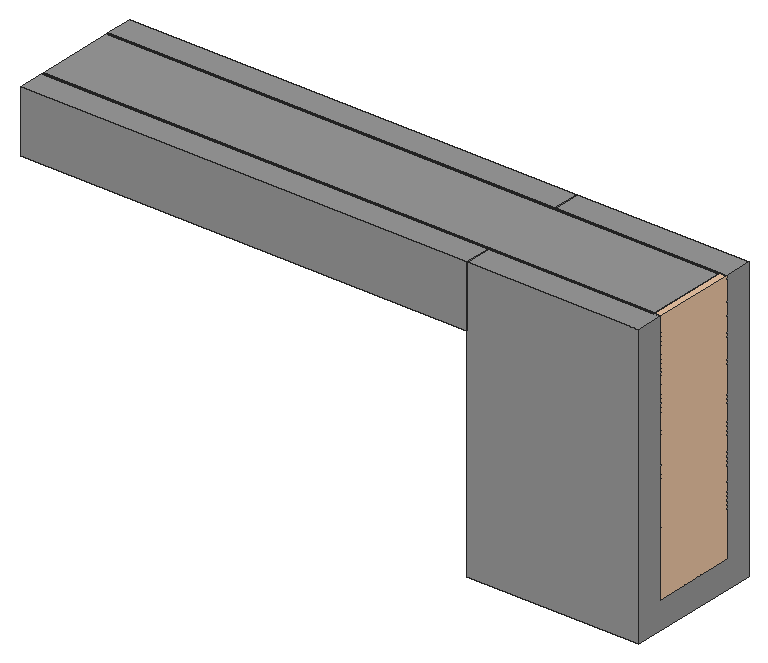
Revit family "FR_MEA MEADRAIN EN_ENS_basic", category Allgemeines Modell, Revit 2018
Family settings
  Kann Basisbauteil für Bewehrung sein = Nein
  Bemaßung runder Anschluss = Durchmesser verwenden
  Teiletyp = Normal
  OmniClass-Nummer = 23.70.50.00
  OmniClass-Titel = Liquid Waste Handling Services
  Beim Laden mit Abzugskörper schneiden = Ja
  Gemeinsam genutzt = Nein
  Raumberechnungspunkt = Nein
Parameters (values of type "MEADRAIN E - NW200 Plat")
  hilfsparameter = 0
  guid = "cf6c1bd8-9bf4-4563-8c57-07955e2378ac"  # constant formula
  Materiaux feuillure de caniveau [instance] = Feuillures du caniveau  # "Fonte"
  URL = "https://www.mea-group.com/de/water-management/"
  Typenkommentare = "Das System der Entwässerungsrinne MEADRAIN EN/ENS ist für höchste Belastungen ausgelegt. Mit den Gusszargen-L‐Profil der Rinnen-EN und den Gusszargen-Z‐Profil der Rinnen-ENS verbinden diese Hochleistungsrinnen MEADRAIN das geringe Gewicht des Polymerbetons mit einer verstärkten Bauweise, durch die sie Belastungen bis Klasse F 900 standhalten. Die Systeme MEADRAIN EN und ENS wurden entwickelt, um eine Entwässerungslösung für anspruchsvollste Anwendungsbereiche wie Flughäfen, Bahnhöfe, Frachtbereiche, Häfen und Industriegebäude bereitzustellen. Diese hochwertigen Rinnen bieten eine extrem lange Standzeit sowie eine hohe Beständigkeit gegenüber chemischen Substanzen, anfallendem Salz und Säuren."  # constant formula
  Type element de drainage = "Typ M"  # constant formula
  MEA- plaque frontale [instance] = if(and(Plaque frontale au debut, Plaque frontale a la fin), 2, if(or(Plaque frontale au debut, Plaque frontale a la fin), 1, 0))  # 0
  MEA- longeur caniveau [instance] = if(avaloire au debut, [built-in parameter 1001306] - 500 mm, [built-in parameter 1001306])  # 1300 mm
  MEA- largeur nominal = "200"
  MEA- feuillures du caniveau [instance] = Feuillures du caniveau  # "Fonte"
  MEA- classe de charge [instance] = classe de charge  # "A 15"
  MEA- Grille [instance] = Grille  # "Grille en fonte MOVE D400"
  MEA- Avaloir [instance] = if(avaloire au debut, 1, 0)  # 1
  Fiche technique produit [instance] = "https://www.mea-group.com/de/water-management/service/downloads/"
  Plaque frontale a la fin [instance] = no
  Plaque frontale au debut [instance] = no
  hauteur du caniveau a la fin [instance] = if(and(hilfsparameter = 0, Caniveau a pente), hauteur du caniveau + ([built-in parameter 1001306] - B_corps de niveau a la fin) * 0.005, hauteur du caniveau)  # 100 mm
  hauteur du caniveau = 100 mm
  rayon du corp du caniveau = 20 mm  # constant formula
  largeur du caniveau = Largeur nominal + B_NW largeur ajout  # 240 mm
  Caniveau a pente [instance] = no
  Lien pour les produit [instance] = "https://www.mea-group.com/de/products/entwaesserungsrinne-meadrain-en-ens/"
  largeur utile de lélement de drainage en mm = "200"
  MEA Planungs-Hilfe [instance] = "https://www.mea-group.com/de/water-management/service/"
  Largeur nominal = 200 mm
  Modell = "MEADRAIN EN/ENS"  # constant formula
  built-in parameter 1001306 [instance] = 1800 mm
  Construction de l'élement de drainage = "Caniveau en forme de caisson, coupe en U\r\n"  # constant formula
  IfcExportType = "USERDEFINED"  # constant formula
  IfcExportAs = "IfcWasteTerminalType"  # constant formula
  IfcDescription = Beschreibung  # "Système de drainage en  polymère béton pour le domaine des charges lourdes dans l'industrie et l'infrastructure jusqu'à F 900."
  Hersteller und Typ - Ausschreibender gleichwertig = "comme MEA Bautechnik GmbH, modèle MEADRAIN EN/ENS\r\n"  # constant formula
  Manufacturer = "MEA Bautechnik GmbH business unit MEA Water Management\r\n"  # constant formula
  type de pente/ pourcentage de pente élement de drainage [instance] = if(Caniveau a pente, "Caniveau avec 0.5% de pente\r\n", "Caniveau sans pente")  # "Caniveau sans pente"
  hauteur du Avaloir = 740 mm
  avaloire au debut [instance] = yes
  Techniques d'installation = "y compris les fondations et l'enrobage\r\n"  # constant formula
  Elément de drainage adapté pour [instance] = "Système de drainage destiné à collecter, transporter et évacuer les eaux de pluie accumulées en zones urbaines.\r\nLes caniveaux MEADRAIN EN sont spécialement conçus pour supporter des charges lourdes jusqu'a F900"  # constant formula
  classe de charge de l'élement de drainage [instance] = classe de charge  # "A 15"
  Materiaux élément de drainage = "Caniveau"  # constant formula
  Matériau de construction, lit/fondation = "Beton"  # constant formula
  B_NW largeur ajout = 40 mm
  B_NW = "NW 200"
  B_Modelltext = "MEA Rinne"  # constant formula
  B_fondation ajout Z [instance] = if(Def classe de charge = 1, 80 mm, if(Def classe de charge = 2, 100 mm, if(Def classe de charge = 3, 150 mm, if(Def classe de charge = 4, 200 mm, if(Def classe de charge = 5, 200 mm, if(Def classe de charge = 6, 250 mm, 1 mm))))))  # 80 mm
  B_fondation ajout X [instance] = if(Def classe de charge = 1, 80 mm, if(Def classe de charge = 2, 100 mm, if(Def classe de charge = 3, 150 mm, if(Def classe de charge = 4, 200 mm, if(Def classe de charge = 5, 200 mm, if(Def classe de charge = 6, 250 mm, 1 mm))))))  # 80 mm
  B_rehausse a fente hauteur [instance] = if(Def Grille = 6, 110 mm, if(Def Grille = 7, 160 mm, 1 mm))  # 1 mm
  B_Grille Gruppe [instance] = if(and(Def Grille > 0, Def Grille < 6), 3, if(and(Def Grille > 5, Def Grille < 8), 4, 0))  # 3
  B_Grille show G4 [instance] = B_Grille Gruppe = 4  # no
  B_Grille show G3 [instance] = B_Grille Gruppe = 3  # yes
  B_Grille show G1 [instance] = or(B_Grille Gruppe = 1, B_Grille Gruppe = 4)  # no
  Feuillures du caniveau [instance] = "Fonte"  # constant formula
  Def classe de charge [instance] = 1
  Afficher revetement  de béton [instance] = yes
  Beschreibung = "Système de drainage en  polymère béton pour le domaine des charges lourdes dans l'industrie et l'infrastructure jusqu'à F 900."  # constant formula
  B_show fondation Avaloir [instance] = B_check fondation Avaloir = 1  # yes
  B_check fondation Avaloir [instance] = if(and(avaloire au debut, Afficher revetement  de béton), 1, 0)  # 1
  B_ fondation longeur [instance] = if(avaloire au debut, ([built-in parameter 1001306] - 500 mm), [built-in parameter 1001306])  # 1300 mm
  B_Avaloir hauteur plaque frontale [instance] = (hauteur du Avaloir - hauteur du caniveau a la fin) + èpaisseur du sol caniveau  # 660 mm
  B_Avaloir Raccordement hauteur [instance] = (hauteur du Avaloir - (diametre du manchon / 2)) - èpaisseur du sol caniveau  # 640 mm
  èpaisseur du sol caniveau = 20 mm  # constant formula
  Élement de construction ou de drainage = Polymerbeton
  Bauelement = "Camiveau eaux de surface"  # constant formula
  B_Vertical decalage du profil [instance] = if(avaloire au debut, 0 mm, hauteur du Avaloir)  # 0 mm
  B_corps de niveau a la fin [instance] = if(Plaque frontale a la fin, 20 mm, if(avaloire au debut, 500 mm, 0 mm))  # 500 mm
  B_corps de niveau au debut [instance] = if(Plaque frontale au debut, 20 mm, 0 mm)  # 0 mm
  B_Avaloir hauteur profil [instance] = if(avaloire au debut, hauteur du Avaloir, hauteur du caniveau)  # 740 mm
  B_Avaloir hauteur couvercle au debut [instance] = if(Caniveau a pente, hauteur du caniveau + ([built-in parameter 1001306] - 500 mm) * 0.005 - èpaisseur du sol caniveau - rayon du corp du caniveau, hauteur du caniveau - èpaisseur du sol caniveau - rayon du corp du caniveau)  # 60 mm
  B_Grille fin [instance] = if(or(Plaque frontale a la fin, avaloire au debut), 20 mm, 0 mm)  # 20 mm
  diametre du manchon = 160 mm
  B_Grille longeur [instance] = [built-in parameter 1001306] - B_corps de niveau au debut - B_Grille fin  # 1780 mm
  B_Grille largeur [instance] = largeur du caniveau - 8 mm  # 232 mm
  Def Grille [instance] = 1
  classe de charge [instance] = if(Def classe de charge = 1, "A 15", if(Def classe de charge = 2, "B 125", if(Def classe de charge = 3, "C 250", if(Def classe de charge = 4, "D 400", if(Def classe de charge = 5, "E 600", if(Def classe de charge = 6, "F 900", "bitte Belastungsklasse definieren"))))))  # "A 15"
  Documents de mise en œuvre = "conformément aux dessins et à la description du produits\r\n"  # constant formula
  Grille [instance] = if(Def Grille = 1, "Grille en fonte MOVE D400", if(Def Grille = 2, "Grille à barres longitudinales en fonte E600", if(Def Grille = 3, "Grille passerelle en fonte F900", if(Def Grille = 4, "Grille en fonte WAVE D400", if(Def Grille = 5, "Grille en fonte pleine E600", if(Def Grille = 6, "SRehausse à fentes B125", if(Def Grille = 7, "Rehausse à fentes TSH E600", "veuillez définir une grille")))))))  # "Grille en fonte MOVE D400"
Types (8, lengths in mm): name | hilfsparameter | URL | MEA- longeur caniveau | MEA- largeur nominal | MEA- Grille | MEA- Avaloir | hauteur du caniveau a la fin | hauteur du caniveau | largeur du caniveau | Caniveau a pente | largeur utile de lélement de drainage en mm | Largeur nominal | built-in parameter 1001306 | type de pente/ pourcentage de pente élement de drainage | hauteur du Avaloir | avaloire au debut | B_NW largeur ajout | B_NW | B_rehausse a fente hauteur | B_Grille Gruppe | B_Grille show G4 | B_Grille show G3 | B_Grille show G1 | Afficher revetement  de béton | B_show fondation Avaloir | B_check fondation Avaloir | B_ fondation longeur | B_Avaloir hauteur plaque frontale | B_Avaloir Raccordement hauteur | B_Vertical decalage du profil | B_corps de niveau a la fin | B_Avaloir hauteur profil | B_Avaloir hauteur couvercle au debut | B_Grille fin | diametre du manchon | B_Grille longeur | B_Grille largeur | Def Grille | Grille
  MEADRAIN E - NW100 | 0 | "https://www.mea-group.com" | 4500 | "100" | "Grille en fonte MOVE D400" | 1 | 172.5 | 150 | 140 | yes | "100" | 100 | 5000 | "Caniveau avec 0.5% de pente\r\n" | 585 | yes | 40 | "NW 100" | 1 | 3 | no | yes | no | yes | yes | 1 | 4500 | 432.5 | 510 | 0 | 500 | 585 | 132.5 | 20 | 110 | 4980 | 132 | 1 | "Grille en fonte MOVE D400"
  MEADRAIN E - NW150 | 0 | "https://www.mea-group.com/de/water-management/" | 1800 | "150" | "Grille en fonte MOVE D400" | 0 | 229 | 220 | 190 | yes | "150" | 150 | 1800 | "Caniveau avec 0.5% de pente\r\n" | 700 | no | 40 | "NW 150" | 1 | 3 | no | yes | no | no | no | 0 | 1800 | 491 | 600 | 700 | 0 | 220 | 186.5 | 0 | 160 | 1800 | 182 | 1 | "Grille en fonte MOVE D400"
  MEADRAIN E - NW150 Plat | 0 | "https://www.mea-group.com/de/water-management/" | 1800 | "150" | "Grille en fonte MOVE D400" | 0 | 180 | 180 | 190 | no | "150" | 150 | 1800 | "Caniveau sans pente" | 700 | no | 40 | "NW 150" | 1 | 3 | no | yes | no | no | no | 0 | 1800 | 540 | 600 | 700 | 0 | 180 | 140 | 0 | 160 | 1800 | 182 | 1 | "Grille en fonte MOVE D400"
  MEADRAIN E - NW200 | 0 | "https://www.mea-group.com/de/water-management/" | 1800 | "200" | "Grille en fonte MOVE D400" | 0 | 289 | 280 | 240 | yes | "200" | 200 | 1800 | "Caniveau avec 0.5% de pente\r\n" | 740 | no | 40 | "NW 200" | 1 | 3 | no | yes | no | no | no | 0 | 1800 | 471 | 640 | 740 | 0 | 280 | 246.5 | 0 | 160 | 1800 | 232 | 1 | "Grille en fonte MOVE D400"
  MEADRAIN E - NW200 Plat | 0 | "https://www.mea-group.com/de/water-management/" | 1300 | "200" | "Grille en fonte MOVE D400" | 1 | 100 | 100 | 240 | no | "200" | 200 | 1800 | "Caniveau sans pente" | 740 | yes | 40 | "NW 200" | 1 | 3 | no | yes | no | yes | yes | 1 | 1300 | 660 | 640 | 0 | 500 | 740 | 60 | 20 | 160 | 1780 | 232 | 1 | "Grille en fonte MOVE D400"
  MEADRAIN E - NW300 | 0 | "https://www.mea-group.com/de/water-management/" | 1800 | "300" | "Grille en fonte MOVE D400" | 0 | 409 | 400 | 394 | yes | "300" | 300 | 1800 | "Caniveau avec 0.5% de pente\r\n" | 835 | no | 94 | "NW 300" | 1 | 3 | no | yes | no | no | no | 0 | 1800 | 446 | 735 | 835 | 0 | 400 | 366.5 | 0 | 160 | 1800 | 386 | 1 | "Grille en fonte MOVE D400"
  MEADRAIN E - NW300 H760 | 0 | "https://www.mea-group.com/de/water-management/" | 1800 | "300" | "Grille en fonte MOVE D400" | 0 | 769 | 760 | 394 | yes | "300" | 300 | 1800 | "Caniveau avec 0.5% de pente\r\n" | 760 | no | 94 | "NW 300" | 1 | 3 | no | yes | no | no | no | 0 | 1800 | 11 | 660 | 760 | 0 | 760 | 726.5 | 0 | 160 | 1800 | 386 | 1 | "Grille en fonte MOVE D400"
  MEADRAIN E - NW400 | 1 | "https://www.mea-group.com/de/water-management/" | 1300 | "400" | "Rehausse à fentes TSH E600" | 1 | 465 | 465 | 494 | no | "400" | 400 | 1800 | "Caniveau sans pente" | 942 | yes | 94 | "NW 400" | 160 | 4 | yes | no | yes | yes | yes | 1 | 1300 | 497 | 842 | 0 | 500 | 942 | 425 | 20 | 160 | 1780 | 486 | 7 | "Rehausse à fentes TSH E600"
Reference planes
  plane 1 "Vorne": y = 0
  plane 2: z = 0
  plane 3 "Links": x = 0
  plane 4 "Rechts": x = 1800
  plane 5 "Hinten": y = 240
  plane 6 "Rinnenachse": y = 120
  plane 7 "Anfang Rinnenkörper": x = 0
  plane 8 "Ende Rinnenkörper": x = 1300
  plane 9: z = -100
  plane 10 "Einlaufkasten Anfang": x = 1300
  plane 11 "UK EK": z = -740
  plane 12: x = 1550
  plane 13: z = -640
  plane 14: z = -100
  plane 15: y = 236
  plane 16: y = 4
  plane 17 "Abdeckung Ende": x = 1780
  plane 18 "Aufsatz Vorderkante": y = 216
Forms (mm)
  SweptBlend 1, solid, material "Polymerbeton" <- "Élement de construction ou de drainage"
    path origin (0, 0, 0) x (1, 0, 0) y (0, 1, 0)
      loop
        line (0, 0) -> (1300, 0)
    profile "Profil_Rinnenkörper_oK : Profil_Rinnenkörper_oK_Anfang" origin (0, 0, 0) x (0, 1, 0) y (0, 0, 1)
      loop
        line (4, -20) -> (3, -20) -> (3, -1) -> (1, -1) -> (1, -20) -> (0, -20) -> (0, -100) -> (240, -100) -> (240, -20) -> (239, -20) -> (239, -1) -> (237, -1) -> (237, -20) -> (236, -20) -> (220, -20) -> (220, -60)
        arc (220, -60) -> (214.142, -74.142) -> (200, -80) r 20
        line (200, -80) -> (40, -80)
        arc (40, -80) -> (25.858, -74.142) -> (20, -60) r 20
        line (20, -60) -> (20, -20) -> (4, -20)
    end profile "Profil_Rinnenkörper_oK : Profil_Rinnenkörper_oK_Ende" origin (1300, 0, 0) x (0, 1, 0) y (0, 0, 1)
      loop
        line (4, -20) -> (3, -20) -> (3, -1) -> (1, -1) -> (1, -20) -> (0, -20) -> (0, -100) -> (240, -100) -> (240, -20) -> (239, -20) -> (239, -1) -> (237, -1) -> (237, -20) -> (236, -20) -> (220, -20) -> (220, -60)
        arc (220, -60) -> (214.142, -74.142) -> (200, -80) r 20
        line (200, -80) -> (40, -80)
        arc (40, -80) -> (25.858, -74.142) -> (20, -60) r 20
        line (20, -60) -> (20, -20) -> (4, -20)
  Extrusion 2, solid, material "Polymerbeton", visible <- "Plaque frontale au debut"
    sketch origin (0, 0, 0) x (0, 1, 0) y (0, 0, 1)
      loop
        line (240, 0) -> (0, 0) -> (0, -100) -> (240, -100) -> (240, 0)
    from 0 to 20
  Extrusion 3, solid, material "Polymerbeton", visible <- "Plaque frontale a la fin"
    sketch origin (1800, 0, 0) x (0, 1, 0) y (0, 0, 1)
      loop
        line (0, 0) -> (0, -100) -> (240, -100) -> (240, 0) -> (0, 0)
    from 0 to -20
  Sweep 4, solid, material "Polymerbeton" <- "Élement de construction ou de drainage", visible <- "avaloire au debut"
    path origin (0, 0, 0) x (1, 0, 0) y (0, 1, 0)
      loop
        line (1300, 0) -> (1800, 0)
    profile "Profil_Rinnenkörper_oK : Profil_Rinnenkörper_oK_Einlaufkasten" origin (1550, 0, 0) x (0, 1, 0) y (0, 0, 1)
      loop
        line (4, -20) -> (3, -20) -> (3, -1) -> (1, -1) -> (1, -20) -> (0, -20) -> (0, -740) -> (240, -740) -> (240, -20) -> (239, -20) -> (239, -1) -> (237, -1) -> (237, -20) -> (236, -20) -> (220, -20) -> (220, -700)
        arc (220, -700) -> (214.142, -714.142) -> (200, -720) r 20
        line (200, -720) -> (40, -720)
        arc (40, -720) -> (25.858, -714.142) -> (20, -700) r 20
        line (20, -700) -> (20, -20) -> (4, -20)
  SweptBlend 5, void
    path origin (0, 0, 0) x (1, 0, 0) y (0, 1, 0)
      loop
        line (0, 0) -> (1300, 0)
    profile "Profil_Rinnenkörper_Abzug : Profil_Rinnenkörper_Anfang" origin (0, 0, 0) x (0, 1, 0) y (0, 0, 1)
      loop
        line (0, 0) -> (0, -100) -> (240, -100) -> (240, 0) -> (236, 0) -> (236, 1) -> (216, 1) -> (216, 0) -> (0, 0)
    end profile "Profil_Rinnenkörper_Abzug : Profil_Rinnenkörper_Ende" origin (1300, 0, 0) x (0, 1, 0) y (0, 0, 1)
      loop
        line (0, 0) -> (0, -100) -> (240, -100) -> (240, 0) -> (236, 0) -> (236, 1) -> (216, 1) -> (216, 0) -> (0, 0)
  Sweep 6, void
    path origin (0, 0, 0) x (1, 0, 0) y (0, 1, 0)
      loop
        line (1300, 0) -> (1800, 0)
    profile "Profil_Rinnenkörper_Abzug : Profil_Rinnenkörper_Einlaufkasten" origin (1550, 0, 0) x (0, 1, 0) y (0, 0, 1)
      loop
        line (0, 0) -> (0, -740) -> (240, -740) -> (240, 0) -> (236, 0) -> (236, 1) -> (216, 1) -> (216, 0) -> (0, 0)
  Extrusion 7, solid, visible <- "avaloire au debut"
    sketch origin (0, 240, 0) x (-1, 0, 0) y (0, 0, 1)
      loop
        circle (-1550, -640) r 80
    from 0 to 50
  SweptBlend 8, solid, material "Beton", visible <- "Afficher revetement  de béton"
    path origin (0, 0, 0) x (1, 0, 0) y (0, 1, 0)
      loop
        line (0, 0) -> (1300, 0)
    profile "Profil_Fundament : Fundament_Anfang" origin (0, 0, 0) x (0, 1, 0) y (0, 0, 1)
      loop
        line (-80, 0) -> (-80, -180) -> (320, -180) -> (320, 0) -> (240, 0) -> (240, -100) -> (0, -100) -> (0, 0) -> (-80, 0)
    end profile "Profil_Fundament : Fundament_Ende" origin (1300, 0, 0) x (0, 1, 0) y (0, 0, 1)
      loop
        line (-80, 0) -> (-80, -180) -> (320, -180) -> (320, 0) -> (240, 0) -> (240, -100) -> (0, -100) -> (0, 0) -> (-80, 0)
  Sweep 9, solid, material "Beton", visible <- "B_show fondation Avaloir"
    path origin (0, 0, 0) x (1, 0, 0) y (0, 1, 0)
      loop
        line (1300, 0) -> (1800, 0)
    profile "Profil_Fundament : Fundament_Einlaufkasten" origin (1550, 0, 0) x (0, 1, 0) y (0, 0, 1)
      loop
        line (-80, 0) -> (-80, -820) -> (320, -820) -> (320, 0) -> (240, 0) -> (240, -740) -> (0, -740) -> (0, 0) -> (-80, 0)
  Extrusion 10, solid, visible <- "avaloire au debut"
    sketch origin (0, 0, 0) x (-1, 0, 0) y (0, 0, -1)
      loop
        circle (-1550, 640) r 80
    from 0 to 50
  Extrusion 11, solid, material "Polymerbeton" <- "Élement de construction ou de drainage", visible <- "avaloire au debut"
    sketch origin (52.64, 0, -740) x (-1, 0, 0) y (0, -1, 0)
      loop
        line (-1247.36, -240) -> (-1247.36, 0) -> (-1267.36, 0) -> (-1267.36, -240) -> (-1247.36, -240)
    from 0 to 660 <- "B_Avaloir hauteur plaque frontale"
  Extrusion 12, solid, material "Polymerbeton" <- "Élement de construction ou de drainage", visible <- "avaloire au debut"
    sketch origin (1800, 0, 0) x (0, 1, 0) y (0, 0, 1)
      loop
        line (0, 0) -> (0, -740) -> (240, -740) -> (240, 0) -> (0, 0)
    from 0 to -20
  Extrusion 13, solid, material "Stahl, verzinkt", visible <- "B_Grille show G1"
    sketch origin (723.397, 370.159, 0) x (1, 0, 0) y (0, 1, 0)
      loop
        line (-723.397, -134.159) -> (-723.397, -366.159) -> (1056.603, -366.159) -> (1056.603, -134.159) -> (-723.397, -134.159)
    from 0 to -20
  Extrusion 14, solid, material "Stahl, verzinkt", visible <- "B_Grille show G4"
    sketch origin (1039.397, -412.457, 0) x (1, 0, 0) y (0, 1, 0)
      loop
        line (-1039.397, 648.457) -> (-1039.397, 628.457) -> (740.603, 628.457) -> (740.603, 648.457) -> (-1039.397, 648.457)
    from 0 to 1 <- "B_rehausse a fente hauteur"
  Extrusion 15, solid, material "Guss", visible <- "B_Grille show G3"
    sketch origin (1120.988, -278.841, 0) x (1, 0, 0) y (0, 1, 0)
      loop
        line (-1120.988, 514.841) -> (-1120.988, 282.841) -> (659.012, 282.841) -> (659.012, 514.841) -> (-1120.988, 514.841)
    from 0 to -20
  Extrusion 16, solid, material "Guss"
    sketch origin (0, 0, 0) x (0, 1, 0) y (0, 0, 1)
      loop
        line (0, -20) -> (1, -20) -> (1, -1) -> (3, -1) -> (3, -20) -> (4, -20) -> (4, 0) -> (0, 0) -> (0, -20)
    from 0 to 1780 <- "B_Grille longeur"
  Extrusion 17, solid, material "Guss"
    sketch origin (0, 133, 0) x (0, -1, 0) y (0, 0, -1)
      loop
        line (-107, 20) -> (-107, 0) -> (-103, 0) -> (-103, 20) -> (-104, 20) -> (-104, 1) -> (-106, 1) -> (-106, 20) -> (-107, 20)
    from 0 to 1780 <- "B_Grille longeur"
Cuts and joins
  joined: Sweep 4, Extrusion 11, Extrusion 12
Lines and regions (mm)
  reference lines
    curve 1: line (0, 0, 0) -> (1800, 0, 0)
Dimensions and locks
  "built-in parameter 1001306": plane 3 "Links" to plane 4 "Rechts"
  "B_corps de niveau au debut": plane 3 "Links" to plane 7 "Anfang Rinnenkörper"
  "B_corps de niveau a la fin": plane 8 "Ende Rinnenkörper" to plane 4 "Rechts"
  equal spacing: plane 5 "Hinten", plane 6 "Rinnenachse", plane 1 "Vorne"
  "largeur du caniveau": plane 5 "Hinten" to plane 1 "Vorne"
  "hauteur du caniveau": plane 2 to plane 9
  locked: plane 3 "Links" to Extrusion 2 at 20
  "hauteur du caniveau a la fin": plane 2 to Extrusion 3 sketch curve
  locked: Extrusion 3 to plane 4 "Rechts" at 20
  equal spacing: plane 4 "Rechts", plane 12, plane 10 "Einlaufkasten Anfang"
  locked: plane 4 "Rechts" to plane 10 "Einlaufkasten Anfang" at 500
  "hauteur du Avaloir": level to plane 11 "UK EK"
  "B_Avaloir Raccordement hauteur": level to plane 13
  locked: plane 5 "Hinten" to plane 15 at 4
  locked: plane 1 "Vorne" to plane 16 at 4
  "B_ fondation longeur": SweptBlend 8 sketch curve to SweptBlend 8 sketch curve
  locked: Extrusion 11 to plane 10 "Einlaufkasten Anfang" at 20
  "B_Grille longeur": plane 7 "Anfang Rinnenkörper" to plane 17 "Abdeckung Ende"
  locked: plane 15 to plane 18 "Aufsatz Vorderkante" at 20
  locked: plane 3 "Links" to text3d elem at 30
  locked: plane 1 "Vorne" to text3d elem at 30
  "diametre du manchon": diameter of Extrusion 7 sketch curve
  "diametre du manchon": diameter of Extrusion 10 sketch curve
  aligned and locked: plane 4 "Rechts" to curve 1
  aligned and locked: plane 1 "Vorne" to curve 1
  aligned and locked: plane 3 "Links" to curve 1
  aligned and locked: level to plane 2
  aligned and locked: plane 7 "Anfang Rinnenkörper" to SweptBlend 1 sketch curve
  aligned and locked: plane 8 "Ende Rinnenkörper" to SweptBlend 1 sketch curve
  aligned and locked: plane 1 "Vorne" to SweptBlend 1 sketch curve
  aligned and locked: Extrusion 2 sketch curve to plane 2
  aligned and locked: Extrusion 2 sketch curve to plane 1 "Vorne"
  aligned and locked: Extrusion 2 sketch curve to plane 5 "Hinten"
  aligned and locked: plane 9 to Extrusion 2 sketch curve
  aligned and locked: Extrusion 3 sketch curve to plane 1 "Vorne"
  aligned and locked: Extrusion 3 sketch curve to plane 2
  aligned and locked: Extrusion 3 sketch curve to plane 5 "Hinten"
  aligned and locked: plane 10 "Einlaufkasten Anfang" to Sweep 4 sketch curve
  aligned and locked: plane 4 "Rechts" to Sweep 4 sketch curve
  aligned and locked: plane 1 "Vorne" to Sweep 4 sketch curve
  aligned and locked: plane 3 "Links" to SweptBlend 5 sketch curve
  aligned and locked: plane 8 "Ende Rinnenkörper" to SweptBlend 5 sketch curve
  aligned and locked: plane 1 "Vorne" to SweptBlend 5 sketch curve
  aligned and locked: plane 10 "Einlaufkasten Anfang" to Sweep 6 sketch curve
  aligned and locked: plane 4 "Rechts" to Sweep 6 sketch curve
  aligned and locked: plane 1 "Vorne" to Sweep 6 sketch curve
  aligned and locked: plane 13 to Extrusion 7 sketch curve
  aligned and locked: plane 12 to Extrusion 7 sketch curve
  aligned and locked: curve 1 to SweptBlend 8 sketch curve
  aligned and locked: plane 3 "Links" to SweptBlend 8 sketch curve
  aligned and locked: plane 4 "Rechts" to Sweep 9 sketch curve
  aligned and locked: plane 10 "Einlaufkasten Anfang" to Sweep 9 sketch curve
  aligned and locked: plane 1 "Vorne" to Sweep 9 sketch curve
  aligned and locked: Extrusion 11 to plane 11 "UK EK"
  aligned and locked: Extrusion 11 to plane 10 "Einlaufkasten Anfang"
  aligned and locked: plane 1 "Vorne" to Extrusion 11
  aligned and locked: plane 5 "Hinten" to Extrusion 11
  aligned and locked: Extrusion 12 sketch curve to plane 1 "Vorne"
  aligned and locked: Extrusion 12 sketch curve to plane 5 "Hinten"
  aligned and locked: plane 11 "UK EK" to Extrusion 12 sketch curve
  aligned and locked: Extrusion 12 sketch curve to level
  aligned and locked: Extrusion 13 to plane 7 "Anfang Rinnenkörper"
  aligned and locked: plane 16 to Extrusion 13
  aligned and locked: Extrusion 13 to plane 15
  aligned and locked: plane 17 "Abdeckung Ende" to Extrusion 13
  aligned and locked: Extrusion 14 to plane 7 "Anfang Rinnenkörper"
  aligned and locked: plane 17 "Abdeckung Ende" to Extrusion 14
  aligned and locked: Extrusion 14 to plane 15
  aligned and locked: Extrusion 14 to plane 18 "Aufsatz Vorderkante"
  aligned and locked: Extrusion 15 to plane 7 "Anfang Rinnenkörper"
  aligned and locked: plane 17 "Abdeckung Ende" to Extrusion 15
  aligned and locked: Extrusion 15 to plane 15
  aligned and locked: plane 16 to Extrusion 15
  aligned and locked: text3d elem to text3d elem  (x2)
Automatic sketch dimensions
  Extrusion 11 sketch curve to plane 5 "Hinten" = 0 mm
  plane 1 "Vorne" to Extrusion 11 sketch curve = 0 mm
  plane 10 "Einlaufkasten Anfang" to Extrusion 11 sketch curve = 0 mm
  plane 10 "Einlaufkasten Anfang" to Extrusion 11 sketch curve = 20 mm
  plane 3 "Links" to Extrusion 13 sketch curve = 0 mm
  Extrusion 13 sketch curve to plane 4 "Rechts" = 20 mm
  plane 16 to Extrusion 13 sketch curve = 0 mm
  plane 15 to Extrusion 13 sketch curve = 0 mm
  plane 3 "Links" to Extrusion 14 sketch curve = 0 mm
  Extrusion 14 sketch curve to plane 4 "Rechts" = 20 mm
  Extrusion 14 sketch curve to plane 18 "Aufsatz Vorderkante" = 0 mm
  plane 15 to Extrusion 14 sketch curve = 0 mm
  plane 3 "Links" to Extrusion 15 sketch curve = 0 mm
  Extrusion 15 sketch curve to plane 4 "Rechts" = 20 mm
  plane 16 to Extrusion 15 sketch curve = 0 mm
  plane 15 to Extrusion 15 sketch curve = 0 mm
  Extrusion 16 sketch curve to level = 0 mm
  Extrusion 16 sketch curve to plane 1 "Vorne" = 0 mm
  Extrusion 16 sketch curve to plane 16 = 0 mm
  Extrusion 16 sketch curve to Extrusion 16 sketch curve = 1 mm
  Extrusion 16 sketch curve to plane 16 = 1 mm
  Extrusion 16 sketch curve to level = 1 mm
  Extrusion 16 sketch curve to Extrusion 16 sketch curve = 19 mm
  Extrusion 16 sketch curve to Extrusion 16 sketch curve = 0 mm
  Extrusion 17 sketch curve to level = 0 mm
  Extrusion 17 sketch curve to plane 5 "Hinten" = 0 mm
  Extrusion 17 sketch curve to plane 15 = 0 mm
  Extrusion 17 sketch curve to Extrusion 17 sketch curve = 1 mm
  Extrusion 17 sketch curve to plane 15 = 1 mm
  level to Extrusion 17 sketch curve = 1 mm
  Extrusion 17 sketch curve to Extrusion 17 sketch curve = 19 mm
  Extrusion 17 sketch curve to Extrusion 17 sketch curve = 0 mm
  plane 12 to Extrusion 10 sketch curve = 0 mm
  Extrusion 10 sketch curve to plane 13 = 0 mm
